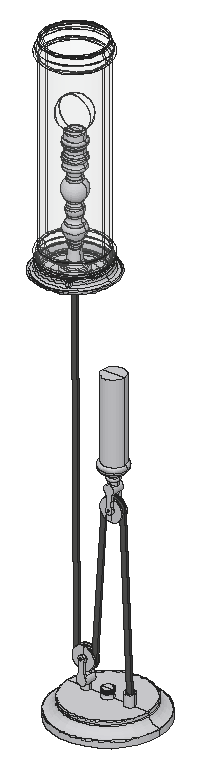
Revit family "Light_Fixture-Pendant-KOHLER-Damask-K-23340_1", category Lighting Fixtures, host Face, Revit 2017
Family settings
  Host = Face
  Round Connector Dimension = Use Diameter
  Part Type = Normal
  OmniClass Number = 23.35.47.11
  OmniClass Title = Lighting Fixtures
  Cut with Voids When Loaded = No
  Light Source = Yes
  Shared = No
  Room Calculation Point = No
Parameters (values of type "CPL-Polished Chrome")
  Width = 7 3/8"  # constant formula
  Wattage Comments = "60 W"  # constant formula
  Wattage = 60 W
  WaterSense Certified = 1 = 0  # no
  built-in parameter 1150110 = 1 (stored number, unit not read)
  Voltage = 120 V  # constant formula
  URL = "https://www.us.kohler.com/us/"
  Type = 4
  built-in parameter 1114217 = 1 (stored number, unit not read)
  built-in parameter 1150109 = 1 (stored number, unit not read)
  built-in parameter 1150134 = (empty or 0)
  built-in parameter 1150113 = 1 (stored number, unit not read)
  Product Page URL = "http://www.us.kohler.com/us/catalog/productDetails.jsp?productNumber=23340-PE01"
  Product Name = "Damask"  # constant formula
  Product Documentation Link = "https://www.us.kohler.com/webassets/kpna/catalog/pdf/en/K-23340-PE01_spec.pdf"
  Model = if(Type = 1, "K-23340-PE01-SNL", if(Type = 2, "K-23340-PE01-BGL", if(Type = 3, "K-23340-PE01-BZL", if(Type = 4, "K-23340-PE01-CPL", "NA"))))  # "K-23340-PE01-CPL"
  Material = "Brass Construction"  # constant formula
  Master Format 2014 Name = "Interior Lighting Fixtures, Lamps, And Ballasts"  # constant formula
  Master Format 2014 = "26 51 13"  # constant formula
  Manufacturer Address = "444 Highland Dr, Kohler, WI 53044"  # constant formula
  Manufacturer = "KOHLER Co."  # constant formula
  built-in parameter 1150105 = 35.81 (stored number, unit not read)
  Lumens = 450 lm
  built-in parameter 1150115 = 1 (stored number, unit not read)
  Light Source Symbol Size = 6"  # constant formula
  built-in parameter 1150137 = (empty or 0)
  built-in parameter 1150139 = (empty or 0)
  Length = 6 1/2"  # constant formula
  built-in parameter 1150112 = 1 (stored number, unit not read)
  built-in parameter 1150114 = 1 (stored number, unit not read)
  Lamp = "Candelabra base (E12) socket, works best with type G or T light bulbs (sold separately)"  # constant formula
  built-in parameter 1150132 = (empty or 0)
  built-in parameter 1150102 = (empty or 0)
  built-in parameter 1150107 = 3000 (stored number, unit not read)
  built-in parameter 1150138 = (empty or 0)
  built-in parameter 1150106 = 0.3581 (stored number, unit not read)
  Height = 37 3/8"  # constant formula
  Glass Material = Kohler-Glass-L-Crystal_Clear
  Finish = Kohler-Metal-CP-Polished_Chrome
  Environmental Product Declaration = ""
  Electrical Note = "One circuit required"  # constant formula
  Electrical Connector = 1 = 1  # yes
  built-in parameter 1150104 = 0.69677 (stored number, unit not read)
  Dimming Lamp Color Temperature Shift = Incandescent Lamp Curve
  Description = "One-light adjustable pendant"  # constant formula
  Default Elevation = 0"
  Declare Label = ""
  Date Modified = "03/25/2020"  # constant formula
  Date Created = "03/25/2020"  # constant formula
  Copyright = "Copyright KOHLER Co."  # constant formula
  Contact Us = "https://www.us.kohler.com/us/static/contact.jsp"
  Color Filter = 16777215
  built-in parameter 1114218 = 1 (stored number, unit not read)
  built-in parameter 1150133 = 10 (stored number, unit not read)
  Assembly Code = "C1030200"
  Apparent Load = 60 VA  # constant formula
  ADA Compliant = 1 = 0  # no
Reference planes (in)
  plane 1 "Center (Front/Back)": y = 0
  plane 2: z = 0
  plane 3 "Center (Left/Right)": x = 0
  plane 4: z = 1.125
  plane 5: x = 3.25
  plane 6: x = -3.25
  plane 7: x = 0.3125
  plane 8: x = 1.04291
  plane 9: x = -0.33504
  plane 10: z = 19.375
  plane 11: x = -2.0625
  plane 12: x = -4.125
  plane 13: x = 0.3125
  plane 14: x = -4.4375
  plane 15: z = 37.375
  plane 16: y = 3.25
  plane 17: y = -3.25
  plane 18: y = 0.68898
  plane 19: y = -0.68898
  plane 20: z = 24
  plane 21: y = -2.375
  plane 22: y = 2.375
  plane 23: y = 2.063
  plane 24: y = -2.063
  plane 25: z = 32.19705
  plane 26: z = 33.19705
  plane 27: z = 34.19705
  plane 28: z = 11.78989
  plane 29: z = 2.8535
Dimensions and locks (in)
  "Length": plane 16 to plane 17
  "Width": plane 12 to plane 5
  "Height": plane 15 to plane 2
  locked: plane 20 to plane 15 at 13.375
  locked: plane 4 to plane 2 at 1.125
  locked: plane 6 to plane 5 at 6.5
  locked: plane 23 to plane 24 at 4.12599
  aligned and locked: plane 2 to host face
  aligned and locked: level to host face
Automatic sketch dimensions
  host sketch curve to host sketch curve = 96"  (x2)
Nested families (in)
  nested 1: "K-23340" at (0, 0, 0), type "K-23340"
Connectors (in)
  electrical at (0, 0, 0), driven by "Voltage", driven by "Apparent Load", driven by "Electrical Connector", driven by "Electrical Note"
    settings: on nested 1, index 1, voltage 120 V, apparent load 60 VA, apparent load phase1 0 VA, apparent load phase2 0 VA, apparent load phase3 0 VA, power factor 1, load classification "Lighting", number of poles 1, system type 30, power factor state 1, is connector primary yes, connector utility yes, sub classification motor no, connector description "One circuit required"
Definition of nested family "K-23340"
  Parameters (values of type "K-23340")
    Material = none
    Glass Material = none
    Bulb Material = none
  Reference planes (in)
    plane 1 "Center (Front/Back)": y = 0
    plane 2: z = 0
    plane 3 "Center (Left/Right)": x = 0
    plane 4: y = 3.25
    plane 5: y = -3.25
    plane 6: z = 1.125
    plane 7: z = 19.375
    plane 8: z = 37.375
    plane 9: z = 24
    plane 10: z = 32.19705
    plane 11: z = 33.19705
    plane 12: z = 34.19705
    plane 13: y = -2.375
    plane 14: y = 2.375
    plane 15: y = 0.68898
    plane 16: y = -0.68898
    plane 17: y = 2.063
    plane 18: y = -2.063
    plane 19: x = -3.25
    plane 20: x = 3.25
    plane 21: x = -4.125
    plane 22: x = -2.0625
    plane 23: x = -4.4375
    plane 24: x = 0.3125
    plane 25: x = -0.33504
    plane 26: x = 0.35175
    plane 27: x = 1.04291
  Forms (in)
    Revolve 1, solid, material <- "Material", detail levels medium+fine
      sketch origin (0, 0, 0) x (-1, 0, 0) y (0, 0, 1)
        loop
          line (0, 0) -> (3.25, 0) -> (3.25, 0.38026)
          arc (3.25, 0.38026) -> (3.24425, 0.3952) -> (3.22998, 0.40244) r 0.02229
          arc (3.22998, 0.40244) -> (2.83823, 0.55165) -> (2.57352, 0.87672) r 0.81004
          arc (2.57352, 0.87672) -> (2.56241, 0.91069) -> (2.55865, 0.94623) r 0.16983
          line (2.55865, 0.94623) -> (2.55865, 1.09766)
          arc (2.55865, 1.09766) -> (2.55064, 1.11699) -> (2.53131, 1.125) r 0.02734
          line (2.53131, 1.125) -> (0.34514, 1.125)
          arc (0.34514, 1.125) -> (0.30496, 1.2788) -> (0.3523, 1.43054) r 0.28862
          line (0.3523, 1.43054) -> (0.3523, 1.58268) -> (0, 1.58268) -> (0, 0)
        axis (0, 1.58268) -> (0, 0)
      angle from 0 to 360
    Extrusion 2, void
      sketch origin (0, 0, 0) x (-1, 0, 0) y (0, -1, 0)
        loop
          line (0, 0.32871) -> (-0.03198, 0.3655) -> (-0.05708, 0.32372) -> (-0.09496, 0.35439) -> (-0.11243, 0.30889) -> (-0.15506, 0.33252) -> (-0.16436, 0.28467) -> (-0.21044, 0.30054) -> (-0.21129, 0.25181) -> (-0.25943, 0.25943) -> (-0.25181, 0.21129) -> (-0.30054, 0.21044) -> (-0.28467, 0.16436) -> (-0.33252, 0.15506) -> (-0.30889, 0.11243) -> (-0.35439, 0.09496) -> (-0.32372, 0.05708) -> (-0.3655, 0.03198) -> (-0.32871, 0) -> (-0.3655, -0.03198) -> (-0.32372, -0.05708) -> (-0.35439, -0.09496) -> (-0.30889, -0.11243) -> (-0.33252, -0.15506) -> (-0.28467, -0.16436) -> (-0.30054, -0.21044) -> (-0.25181, -0.21129) -> (-0.25943, -0.25943) -> (-0.21129, -0.25181) -> (-0.21044, -0.30054) -> (-0.16436, -0.28467) -> (-0.15506, -0.33252) -> (-0.11243, -0.30889) -> (-0.09496, -0.35439) -> (-0.05708, -0.32372) -> (-0.03198, -0.3655) -> (0, -0.32871) -> (0.03198, -0.3655) -> (0.05708, -0.32372) -> (0.09496, -0.35439) -> (0.11243, -0.30889) -> (0.15506, -0.33252) -> (0.16436, -0.28467) -> (0.21044, -0.30054) -> (0.21129, -0.25181) -> (0.25943, -0.25943) -> (0.25181, -0.21129) -> (0.30054, -0.21044) -> (0.28467, -0.16436) -> (0.33252, -0.15506) -> (0.30889, -0.11243) -> (0.35439, -0.09496) -> (0.32372, -0.05708) -> (0.3655, -0.03198) -> (0.32871, 0) -> (0.3655, 0.03198) -> (0.32372, 0.05708) -> (0.35439, 0.09496) -> (0.30889, 0.11243) -> (0.33252, 0.15506) -> (0.28467, 0.16436) -> (0.30054, 0.21044) -> (0.25181, 0.21129) -> (0.25943, 0.25943) -> (0.21129, 0.25181) -> (0.21044, 0.30054) -> (0.16436, 0.28467) -> (0.15506, 0.33252) -> (0.11243, 0.30889) -> (0.09496, 0.35439) -> (0.05708, 0.32372) -> (0.03198, 0.3655) -> (0, 0.32871)
        loop
          circle (0, 0) r 0.40696
      from 1.30315 to 1.8189
    Extrusion 3, solid, material <- "Material", detail levels medium+fine
      sketch origin (0, 0, 0) x (-1, 0, 0) y (0, 0, 1)
        loop
          arc (1.17032, 1.90862) -> (1.37804, 1.35648) -> (1.58576, 1.90862) r 0.31515
          arc (1.58576, 1.90862) -> (1.51549, 2.31965) -> (1.53755, 2.73606) r 1.87985
          arc (1.53755, 2.73606) -> (1.37782, 3.05165) -> (1.21856, 2.73582) r 0.19814
          arc (1.21856, 2.73582) -> (1.24058, 2.31953) -> (1.17032, 1.90862) r 1.87985
      from -0.35433 to 0.35433
    Extrusion 4, void
      sketch origin (0, 0, 0) x (0, -1, 0) y (0, 0, 1)
        loop
          line (0.23622, 1.90862) -> (0.23622, 3.32029) -> (-0.23622, 3.32029) -> (-0.23622, 1.90862) -> (0.23622, 1.90862)
      from 0.82356 to 1.97258
    Extrusion 5, solid, material <- "Material", detail levels medium+fine
      sketch origin (0, 0, 0) x (-1, 0, 0) y (0, 0, 1)
        loop
          circle (1.37797, 2.8535) r 0.19814
      from 0.35433 to 0.51181
    Extrusion 6, void
      sketch origin (0, 0, 0) x (-1, 0, 0) y (0, 0, 1)
        loop
          line (1.37797, 3.09286) -> (1.37797, 2.61804) -> (1.40748, 2.54852) -> (1.40748, 3.15849) -> (1.37797, 3.09286)
      from 0.45276 to 0.805
    Revolve 7, solid, material <- "Material", detail levels medium+fine
      sketch origin (-1.37926, 0, 0) x (0, -1, 0) y (0, 0, 1)
        loop
          line (-0.22638, 3.05035) -> (-0.22638, 2.8535) -> (-0.13757, 2.8535) -> (-0.13757, 3.36583)
          arc (-0.13757, 3.36583) -> (-0.14955, 3.40244) -> (-0.15748, 3.44013) r 0.3545
          line (-0.15748, 3.44013) -> (-0.15748, 3.54248) -> (-0.19375, 3.54248) -> (-0.19375, 3.05035) -> (-0.22638, 3.05035)
        loop
          line (0.22638, 3.05035) -> (0.19375, 3.05035) -> (0.19375, 3.54248) -> (0.15748, 3.54248) -> (0.15748, 3.44013)
          arc (0.15748, 3.44013) -> (0.14955, 3.40244) -> (0.13757, 3.36583) r 0.3545
          line (0.13757, 3.36583) -> (0.13757, 2.8535) -> (0.22638, 2.8535) -> (0.22638, 3.05035)
        axis (0.22638, 2.8535) -> (-0.22638, 2.8535)
      angle from 0 to 360
    Extrusion 8, solid, material <- "Material", detail levels medium+fine
      sketch origin (0, 0, 0) x (-1, 0, 0) y (0, 0, 1)
        loop
          circle (1.37797, 2.8535) r 0.12526
      from -0.30163 to 0.2856
    Revolve 9, solid, material <- "Material", detail levels medium+fine
      sketch origin (0, 0, 0) x (-1, 0, 0) y (0, 0, 1)
        loop
          line (1.37804, 1.54821) -> (1.12228, 1.54821) -> (1.12228, 1.10648) -> (1.37804, 1.10648) -> (1.37804, 1.54821)
        axis (1.37804, 1.54821) -> (1.37804, 1.10648)
      angle from 0 to 360
    Extrusion 10, solid, material <- "Material", detail levels medium+fine
      sketch origin (-1.02622, 0, 14.64339) x (1, 0, 0) y (0, 0, -1)
        loop
          arc (1.17032, 1.90862) -> (1.37804, 1.35648) -> (1.58576, 1.90862) r 0.31515
          arc (1.58576, 1.90862) -> (1.51549, 2.31965) -> (1.53755, 2.73606) r 1.87985
          arc (1.53755, 2.73606) -> (1.37782, 3.05165) -> (1.21856, 2.73582) r 0.19814
          arc (1.21856, 2.73582) -> (1.24058, 2.31953) -> (1.17032, 1.90862) r 1.87985
      from -0.35433 to 0.35433
    Extrusion 11, void
      sketch origin (-1.02622, 0, 14.64339) x (0, -1, 0) y (0, 0, -1)
        loop
          line (0.23622, 1.90862) -> (0.23622, 3.32029) -> (-0.23622, 3.32029) -> (-0.23622, 1.90862) -> (0.23622, 1.90862)
      from 0.82356 to 1.97258
    Extrusion 12, solid, material <- "Material", detail levels medium+fine
      sketch origin (-1.02622, 0, 14.64339) x (1, 0, 0) y (0, 0, -1)
        loop
          circle (1.37797, 2.8535) r 0.19814
      from 0.35433 to 0.51181
    Extrusion 13, void
      sketch origin (-1.02622, 0, 14.64339) x (1, 0, 0) y (0, 0, -1)
        loop
          line (1.37797, 3.09286) -> (1.37797, 2.61804) -> (1.40748, 2.54852) -> (1.40748, 3.15849) -> (1.37797, 3.09286)
      from 0.45276 to 0.805
    Revolve 14, solid, material <- "Material", detail levels medium+fine
      sketch origin (0.35304, 0, 14.64339) x (0, -1, 0) y (0, 0, -1)
        loop
          line (-0.22638, 3.05035) -> (-0.22638, 2.8535) -> (-0.13757, 2.8535) -> (-0.13757, 3.36583)
          arc (-0.13757, 3.36583) -> (-0.14955, 3.40244) -> (-0.15748, 3.44013) r 0.3545
          line (-0.15748, 3.44013) -> (-0.15748, 3.54248) -> (-0.19375, 3.54248) -> (-0.19375, 3.05035) -> (-0.22638, 3.05035)
        loop
          line (0.22638, 3.05035) -> (0.19375, 3.05035) -> (0.19375, 3.54248) -> (0.15748, 3.54248) -> (0.15748, 3.44013)
          arc (0.15748, 3.44013) -> (0.14955, 3.40244) -> (0.13757, 3.36583) r 0.3545
          line (0.13757, 3.36583) -> (0.13757, 2.8535) -> (0.22638, 2.8535) -> (0.22638, 3.05035)
        axis (0.22638, 2.8535) -> (-0.22638, 2.8535)
      angle from 0 to 360
    Extrusion 15, solid, material <- "Material", detail levels medium+fine
      sketch origin (-1.02622, 0, 14.64339) x (1, 0, 0) y (0, 0, -1)
        loop
          circle (1.37797, 2.8535) r 0.12526
      from -0.30163 to 0.2856
    Extrusion 16, solid, material <- "Material", detail levels medium+fine
      sketch origin (1.72972, 0, 8.93638) x (-1, 0, 0) y (0, 0, 1)
        loop
          circle (1.37797, 2.8535) r 0.12526
      from -0.30163 to 0.2856
    Revolve 17, solid, material <- "Material", detail levels medium+fine
      sketch origin (0, 0, 0) x (-1, 0, 0) y (0, 0, 1)
        loop
          line (-0.35394, 13.11674) -> (-0.09863, 13.11674) -> (-0.09863, 13.45442)
          arc (-0.09863, 13.45442) -> (-0.00062, 13.5218) -> (-0.07844, 13.61175) r 0.0798
          arc (-0.07844, 13.61175) -> (-0.01909, 13.81929) -> (0.15792, 13.94284) r 0.32233
          line (0.15792, 13.94284) -> (0.27661, 13.94284)
          arc (0.27661, 13.94284) -> (0.35001, 14.00467) -> (0.35814, 14.1003) r 0.1253
          line (0.35814, 14.1003) -> (0.42511, 14.1003)
          arc (0.42511, 14.1003) -> (0.45175, 14.15023) -> (0.42511, 14.20017) r 0.06012
          arc (0.42511, 14.20017) -> (0.46577, 14.35852) -> (0.33504, 14.45669) r 0.14714
          line (0.33504, 14.45669) -> (0.33504, 19.375) -> (-0.35394, 19.375) -> (-0.35394, 13.11674)
        axis (-0.35394, 19.375) -> (-0.35394, 13.11674)
      angle from 0 to 360
    Revolve 18, solid, material <- "Material", detail levels medium+fine
      sketch origin (0, 0, 0) x (-1, 0, 0) y (0, 0, 1)
        loop
          line (-1.37795, 1.8189) -> (-1.37795, 1.02357) -> (-1.08268, 1.02357) -> (-1.08268, 1.79868)
          arc (-1.08268, 1.79868) -> (-1.0886, 1.81298) -> (-1.10289, 1.8189) r 0.02022
          line (-1.10289, 1.8189) -> (-1.37795, 1.8189)
        axis (-1.37795, 1.02357) -> (-1.37795, 1.8189)
      angle from 0 to 360
    Sweep 19, solid
      path origin (0, 0, 0) x (-1, 0, 0) y (0, 0, 1)
        loop
          line (-1.52105, 1.7069) -> (-1.06209, 11.82097)
          arc (-1.06209, 11.82097) -> (-0.36006, 12.49872) -> (0.3556, 11.83539) r 0.70997
          line (0.3556, 11.83539) -> (0.94835, 2.82523)
          arc (0.94835, 2.82523) -> (1.39274, 2.42151) -> (1.81201, 2.85126) r 0.4323
          line (1.81201, 2.85126) -> (1.9236, 23.39367)
      profile origin (-1.9236, 0, 23.39367) x (-0.999985, 0, -0.005432) y (0, 1, 0)
        loop
          circle (0.13748, 0) r 0.13748
    Revolve 20, solid, material <- "Material", detail levels medium+fine
      sketch origin (0, 0, 0) x (-1, 0, 0) y (0, 0, 1)
        loop
          line (2.0625, 23.33476) -> (2.33453, 23.33476)
          arc (2.33453, 23.33476) -> (2.34924, 23.34085) -> (2.35533, 23.35556) r 0.0208
          line (2.35533, 23.35556) -> (2.35533, 23.98001)
          arc (2.35533, 23.98001) -> (2.34947, 23.99414) -> (2.33534, 24) r 0.01999
          line (2.33534, 24) -> (2.97853, 24)
          arc (2.97853, 24) -> (3.02966, 24.01412) -> (3.06628, 24.05248) r 0.0996
          arc (3.06628, 24.05248) -> (3.10713, 24.10226) -> (3.16379, 24.13285) r 0.16673
          arc (3.16379, 24.13285) -> (3.2698, 24.15971) -> (3.37804, 24.17528) r 1.03998
          arc (3.37804, 24.17528) -> (3.53538, 24.18926) -> (3.69276, 24.20268) r 45.49267
          arc (3.69276, 24.20268) -> (3.89741, 24.21932) -> (4.10213, 24.23503) r 45.49267
          arc (4.10213, 24.23503) -> (4.20563, 24.24936) -> (4.3065, 24.27663) r 0.82677
          arc (4.3065, 24.27663) -> (4.3731, 24.30816) -> (4.43077, 24.35401) r 0.32156
          arc (4.43077, 24.35401) -> (4.43922, 24.38883) -> (4.41219, 24.41237) r 0.03449
          arc (4.41219, 24.41237) -> (4.36244, 24.41988) -> (4.31243, 24.42539) r 1.24951
          arc (4.31243, 24.42539) -> (4.22272, 24.44639) -> (4.14233, 24.49143) r 0.3292
          arc (4.14233, 24.49143) -> (4.08309, 24.56326) -> (4.06187, 24.65392) r 0.20429
          line (4.06187, 24.65392) -> (4.06187, 24.82934)
          arc (4.06187, 24.82934) -> (4.05325, 24.85015) -> (4.03245, 24.85876) r 0.02942
          line (4.03245, 24.85876) -> (3.95645, 24.85876) -> (3.95645, 24.33028) -> (3.67997, 24.33028)
          arc (3.67997, 24.33028) -> (3.47502, 24.31992) -> (3.27216, 24.28897) r 2.03365
          arc (3.27216, 24.28897) -> (3.12275, 24.23858) -> (2.99018, 24.15323) r 0.64065
          line (2.99018, 24.15323) -> (2.85201, 24.15323) -> (2.85201, 24.46738)
          arc (2.85201, 24.46738) -> (2.83381, 24.55189) -> (2.78245, 24.62143) r 0.20536
          arc (2.78245, 24.62143) -> (2.74976, 24.64432) -> (2.71282, 24.65942) r 0.17931
          arc (2.71282, 24.65942) -> (2.6604, 24.68207) -> (2.61566, 24.71757) r 0.21793
          arc (2.61566, 24.71757) -> (2.50927, 24.86843) -> (2.4538, 25.0445) r 0.59978
          arc (2.4538, 25.0445) -> (2.41027, 25.36117) -> (2.3757, 25.67893) r 11.32687
          arc (2.3757, 25.67893) -> (2.37688, 25.70595) -> (2.38538, 25.73162) r 0.09829
          arc (2.38538, 25.73162) -> (2.41798, 25.80717) -> (2.44282, 25.88562) r 0.81743
          arc (2.44282, 25.88562) -> (2.43722, 25.92177) -> (2.40696, 25.94234) r 0.04589
          arc (2.40696, 25.94234) -> (2.39376, 25.95222) -> (2.39345, 25.9687) r 0.01876
          line (2.39345, 25.9687) -> (2.4173, 26.01986)
          arc (2.4173, 26.01986) -> (2.43916, 26.09354) -> (2.43858, 26.17038) r 0.26066
          arc (2.43858, 26.17038) -> (2.44513, 26.20168) -> (2.47075, 26.2208) r 0.04518
          arc (2.47075, 26.2208) -> (2.51224, 26.24143) -> (2.54367, 26.27548) r 0.12806
          arc (2.54367, 26.27548) -> (2.64938, 26.48456) -> (2.71346, 26.70992) r 1.22829
          arc (2.71346, 26.70992) -> (2.68498, 26.87422) -> (2.55669, 26.98074) r 0.24108
          arc (2.55669, 26.98074) -> (2.54667, 26.99315) -> (2.55322, 27.00768) r 0.01522
          arc (2.55322, 27.00768) -> (2.57847, 27.06242) -> (2.5418, 27.11026) r 0.05832
          arc (2.5418, 27.11026) -> (2.41374, 27.26762) -> (2.46114, 27.46489) r 0.22876
          arc (2.46114, 27.46489) -> (2.47354, 27.49858) -> (2.4618, 27.53252) r 0.05343
          arc (2.4618, 27.53252) -> (2.45358, 27.55711) -> (2.46328, 27.58115) r 0.03751
          arc (2.46328, 27.58115) -> (2.54353, 27.73232) -> (2.54219, 27.90346) r 0.34871
          arc (2.54219, 27.90346) -> (2.5206, 27.94801) -> (2.48366, 27.98097) r 0.12741
          arc (2.48366, 27.98097) -> (2.47512, 27.99331) -> (2.47897, 28.0078) r 0.01789
          arc (2.47897, 28.0078) -> (2.48814, 28.04072) -> (2.46976, 28.06952) r 0.04189
          arc (2.46976, 28.06952) -> (2.40392, 28.20194) -> (2.48647, 28.32464) r 0.14707
          arc (2.48647, 28.32464) -> (2.50505, 28.36345) -> (2.47139, 28.39025) r 0.03454
          arc (2.47139, 28.39025) -> (2.77625, 28.93356) -> (2.47139, 29.47687) r 0.63656
          arc (2.47139, 29.47687) -> (2.51397, 29.52217) -> (2.48752, 29.57844) r 0.05531
          arc (2.48752, 29.57844) -> (2.46405, 29.60022) -> (2.45169, 29.62976) r 0.07563
          arc (2.45169, 29.62976) -> (2.44217, 29.71323) -> (2.4443, 29.79723) r 0.60549
          arc (2.4443, 29.79723) -> (2.46455, 29.92154) -> (2.50117, 30.04204) r 0.94435
          arc (2.50117, 30.04204) -> (2.55681, 30.11995) -> (2.64369, 30.16017) r 0.18724
          arc (2.64369, 30.16017) -> (2.70151, 30.21443) -> (2.67505, 30.28917) r 0.07249
          arc (2.67505, 30.28917) -> (2.58963, 30.48056) -> (2.70422, 30.65605) r 0.21893
          arc (2.70422, 30.65605) -> (2.73072, 30.68368) -> (2.73601, 30.7216) r 0.06216
          line (2.73601, 30.7216) -> (2.7149, 30.84132)
          arc (2.7149, 30.84132) -> (2.69923, 30.87386) -> (2.6689, 30.89345) r 0.06667
          arc (2.6689, 30.89345) -> (2.64051, 30.9097) -> (2.62178, 30.93651) r 0.07474
          arc (2.62178, 30.93651) -> (2.59731, 31.0148) -> (2.58664, 31.09612) r 0.47598
          arc (2.58664, 31.09612) -> (2.58625, 31.19953) -> (2.5942, 31.30264) r 1.28159
          arc (2.5942, 31.30264) -> (2.6055, 31.3484) -> (2.62778, 31.38995) r 0.18913
          arc (2.62778, 31.38995) -> (2.66962, 31.44389) -> (2.71593, 31.49405) r 0.79818
          arc (2.71593, 31.49405) -> (2.73321, 31.52291) -> (2.73466, 31.55651) r 0.06841
          arc (2.73466, 31.55651) -> (2.72107, 31.58988) -> (2.69653, 31.61625) r 0.09986
          arc (2.69653, 31.61625) -> (2.68944, 31.6302) -> (2.69628, 31.64427) r 0.01758
          arc (2.69628, 31.64427) -> (2.72529, 31.74475) -> (2.63827, 31.80276) r 0.08852
          arc (2.63827, 31.80276) -> (2.62169, 31.809) -> (2.61473, 31.82529) r 0.02255
          line (2.61473, 31.82529) -> (2.61473, 32.16918)
          arc (2.61473, 32.16918) -> (2.60656, 32.18889) -> (2.58685, 32.19705) r 0.02788
          line (2.58685, 32.19705) -> (2.0625, 32.19705) -> (2.0625, 23.33476)
        axis (2.0625, 23.33476) -> (2.0625, 32.19705)
      angle from 0 to 360
    Revolve 21, solid, material <- "Glass Material", detail levels medium+fine
      sketch origin (0, 0, 0) x (-1, 0, 0) y (0, 0, 1)
        loop
          line (3.9104, 24.33028) -> (3.9104, 24.45925)
          arc (3.9104, 24.45925) -> (3.89852, 24.50709) -> (3.86564, 24.54382) r 0.10225
          arc (3.86564, 24.54382) -> (3.77837, 24.72253) -> (3.88817, 24.88835) r 0.20028
          arc (3.88817, 24.88835) -> (3.91244, 24.90875) -> (3.925, 24.93786) r 0.06882
          arc (3.925, 24.93786) -> (3.96045, 25.04457) -> (4.02512, 25.13655) r 0.38639
          arc (4.02512, 25.13655) -> (4.11828, 25.45776) -> (3.9104, 25.71976) r 0.36458
          line (3.9104, 25.71976) -> (3.9104, 36.36894)
          arc (3.9104, 36.36894) -> (4.11794, 36.61569) -> (4.03811, 36.92807) r 0.35267
          arc (4.03811, 36.92807) -> (3.94837, 37.07424) -> (3.91396, 37.24228) r 0.49447
          arc (3.91396, 37.24228) -> (3.91183, 37.29855) -> (3.90853, 37.35476) r 2.7372
          arc (3.90853, 37.35476) -> (3.90168, 37.36915) -> (3.88685, 37.375) r 0.02174
          line (3.88685, 37.375) -> (3.78168, 37.375)
          arc (3.78168, 37.375) -> (3.78624, 37.30696) -> (3.78901, 37.23882) r 2.6122
          arc (3.78901, 37.23882) -> (3.83211, 37.02831) -> (3.94454, 36.84518) r 0.61947
          arc (3.94454, 36.84518) -> (3.99729, 36.64918) -> (3.87267, 36.48898) r 0.22767
          arc (3.87267, 36.48898) -> (3.80903, 36.43221) -> (3.7854, 36.35027) r 0.15386
          line (3.7854, 36.35027) -> (3.7854, 25.72383)
          arc (3.7854, 25.72383) -> (3.80603, 25.65317) -> (3.86144, 25.6047) r 0.13134
          arc (3.86144, 25.6047) -> (3.99589, 25.43233) -> (3.93441, 25.22256) r 0.23958
          arc (3.93441, 25.22256) -> (3.8551, 25.11288) -> (3.80734, 24.98624) r 0.51139
          arc (3.80734, 24.98624) -> (3.65321, 24.72269) -> (3.7854, 24.44748) r 0.32528
          line (3.7854, 24.44748) -> (3.7854, 24.33028) -> (3.9104, 24.33028)
        axis (2.0625, 37.375) -> (2.0625, 24.33028)
      angle from 0 to 360
    Revolve 22, solid, material <- "Material", detail levels medium+fine
      sketch origin (0, 0, 0) x (-1, 0, 0) y (0, 0, 1)
        loop
          arc (4.17231, 24.84554) -> (4.16623, 24.86022) -> (4.15154, 24.8663) r 0.02076
          line (4.15154, 24.8663) -> (4.05524, 24.8663) -> (4.05524, 24.70959) -> (4.17231, 24.70959) -> (4.17231, 24.84554)
        axis (4.17231, 24.70959) -> (4.05524, 24.70959)
      angle from 0 to 360
    Revolve 23, solid, material <- "Material", detail levels medium+fine
      sketch origin (-3.09375, 1.78618, 0) x (0.5, -0.866025, 0) y (0, 0, 1)
        loop
          arc (4.17231, 24.84554) -> (4.16623, 24.86022) -> (4.15154, 24.8663) r 0.02076
          line (4.15154, 24.8663) -> (4.05524, 24.8663) -> (4.05524, 24.70959) -> (4.17231, 24.70959) -> (4.17231, 24.84554)
        axis (4.17231, 24.70959) -> (4.05524, 24.70959)
      angle from 0 to 360
    Revolve 24, solid, material <- "Material", detail levels medium+fine
      sketch origin (-3.09375, -1.78618, 0) x (0.5, 0.866025, 0) y (0, 0, -1)
        loop
          line (4.17231, -24.84554) -> (4.17231, -24.70959) -> (4.05524, -24.70959) -> (4.05524, -24.8663) -> (4.15154, -24.8663)
          arc (4.15154, -24.8663) -> (4.16623, -24.86022) -> (4.17231, -24.84554) r 0.02076
        axis (4.17231, -24.70959) -> (4.05524, -24.70959)
      angle from 0 to 360
    Revolve 25, solid, material <- "Bulb Material", detail levels medium+fine
      sketch origin (0, 0, 0) x (-1, 0, 0) y (0, 0, 1)
        loop
          arc (2.46468, 32.28149) -> (3.04116, 33.40253) -> (2.0625, 34.19705) r 1
          line (2.0625, 34.19705) -> (2.0625, 34.1658)
          arc (2.0625, 34.1658) -> (3.00984, 33.39958) -> (2.4586, 32.31298) r 0.96875
          arc (2.4586, 32.31298) -> (2.26451, 32.24148) -> (2.0625, 32.19705) r 1.51649
          line (2.0625, 32.19705) -> (2.30229, 32.19705)
          arc (2.30229, 32.19705) -> (2.3821, 32.24194) -> (2.46468, 32.28149) r 1.39572
        axis (2.0625, 32.19705) -> (2.0625, 34.19705)
      angle from 0 to 360
    Extrusion 26, void
      sketch origin (0, 0, 0) x (1, 0, 0) y (0, 0, 1)
        loop
          circle (-1.37797, 2.8535) r 0.08555
        loop
          circle (0.35175, 11.78989) r 0.08555
      from 0.30163 to 0.61652
    Revolve 27, solid, material <- "Material", detail levels coarse
      sketch origin (0, 0, 0) x (1, 0, 0) y (0, 0, 1)
        loop
          line (0, 1.58268) -> (0, 0) -> (3.25, 0) -> (3.25, 0.38026) -> (2.62509, 1.125) -> (0.35173, 1.125) -> (0.35173, 1.58268) -> (0, 1.58268)
        axis (0, 1.58268) -> (0, 0)
      angle from 0 to 360
    Extrusion 28, solid, material <- "Material", detail levels coarse
      sketch origin (0, 0, 0) x (1, 0, 0) y (0, 0, 1)
        loop
          arc (-1.37926, 3.54248) -> (-2.06412, 2.92869) -> (-1.52874, 2.18094) r 0.68898
          arc (-1.52874, 2.18094) -> (-1.55221, 2.04372) -> (-1.58576, 1.90862) r 1.87985
          arc (-1.58576, 1.90862) -> (-1.69115, 1.70734) -> (-1.63379, 1.48749) r 0.31515
          line (-1.63379, 1.48749) -> (-1.63379, 1.125) -> (-1.12228, 1.125) -> (-1.12228, 1.48749)
          arc (-1.12228, 1.48749) -> (-1.06492, 1.70734) -> (-1.17032, 1.90862) r 0.31515
          arc (-1.17032, 1.90862) -> (-1.20393, 2.04399) -> (-1.22741, 2.18147) r 1.87985
          arc (-1.22741, 2.18147) -> (-0.69453, 2.9299) -> (-1.37926, 3.54248) r 0.68898
        loop
          arc (0.35304, 11.10091) -> (1.03791, 11.7147) -> (0.50252, 12.46245) r 0.68898
          arc (0.50252, 12.46245) -> (0.52599, 12.59967) -> (0.55954, 12.73477) r 1.87985
          arc (0.55954, 12.73477) -> (0.35182, 13.28691) -> (0.1441, 12.73477) r 0.31515
          arc (0.1441, 12.73477) -> (0.17771, 12.5994) -> (0.20119, 12.46192) r 1.87985
          arc (0.20119, 12.46192) -> (-0.33168, 11.71349) -> (0.35304, 11.10091) r 0.68898
      from -0.51181 to 0.35433
    Extrusion 29, void
      sketch origin (0, 0, 0) x (0, 1, 0) y (0, 0, 1)
        loop
          line (0.16758, 3.83865) -> (-0.16166, 3.83865) -> (-0.16166, 2.12311) -> (0.16758, 2.12311) -> (0.16758, 3.83865)
        loop
          line (0.16876, 12.52116) -> (-0.17197, 12.52116) -> (-0.17197, 11.0446) -> (0.16876, 11.0446) -> (0.16876, 12.52116)
      from -2.24891 to 2.34523
    Extrusion 30, solid, material <- "Material", detail levels coarse
      sketch origin (0, 0, 0) x (1, 0, 0) y (0, 1, 0)
        loop
          circle (1.37795, 0) r 0.29528
      from 1.125 to 1.81838
    Revolve 31, solid, material <- "Material", detail levels coarse
      sketch origin (0, 0, 0) x (1, 0, 0) y (0, 0, 1)
        loop
          line (0.37234, 19.375) -> (0.37234, 13.01055) -> (0.60924, 13.01055) -> (0.60924, 13.45442) -> (1.19984, 14.04502) -> (1.19984, 14.45725) -> (1.04413, 14.45725) -> (1.04413, 19.375) -> (0.37234, 19.375)
        axis (0.37234, 19.375) -> (0.37234, 13.01055)
      angle from 0 to 360
    Revolve 32, solid, material <- "Material", detail levels coarse
      sketch origin (0, 0, 0) x (1, 0, 0) y (0, 0, 1)
        loop
          line (-2.0625, 23.32966) -> (-1.76622, 23.32966) -> (-1.76622, 24) -> (-1.14038, 24) -> (0.33206, 24.28621) -> (0.33206, 24.44691) -> (-0.06217, 24.63075) -> (-0.06217, 24.85876) -> (-1.60793, 24.85876) -> (-1.67685, 26.17387) -> (-1.32329, 26.52742) -> (-1.32329, 26.9498) -> (-1.50007, 27.12658) -> (-1.50007, 28.46121) -> (-1.31928, 28.7194) -> (-1.31928, 29.16441) -> (-1.55071, 29.49491) -> (-1.55071, 29.99491) -> (-1.37393, 30.17169) -> (-1.37393, 30.84478) -> (-1.37393, 32.19705) -> (-2.0625, 32.19705) -> (-2.0625, 23.32966)
        axis (-2.0625, 32.19705) -> (-2.0625, 23.32966)
      angle from 0 to 360
    Revolve 33, solid, material <- "Glass Material", detail levels coarse
      sketch origin (0, 0, 0) x (1, 0, 0) y (0, 0, 1)
        loop
          line (0.0068, 37.375) -> (-0.34332, 37.375) -> (-0.34332, 24.85876) -> (0.0068, 24.85876) -> (0.0068, 37.375)
        axis (-2.0625, 24.85876) -> (-2.0625, 37.375)
      angle from 0 to 360
    Extrusion 34, solid, material <- "Material", detail levels medium+fine
      sketch origin (0, 0, 0) x (1, 0, 0) y (0, 1, 0)
        loop
          circle (0, 0) r 0.05833
      from 0 to 0.07141
  Cuts and joins
    Extrusion 2 cuts Revolve 1
    Extrusion 4, Extrusion 11, Extrusion 26 cuts Extrusion 3
    Extrusion 6, Extrusion 13 cuts Extrusion 5
    Extrusion 11 cuts Revolve 7
    Extrusion 11 cuts Extrusion 8
    Extrusion 11, Extrusion 26 cuts Extrusion 10
    joined: Revolve 1, Extrusion 3, Extrusion 5, Revolve 7, Extrusion 8, Revolve 9, Extrusion 10, Revolve 14, Extrusion 16, Revolve 17, Revolve 18, Revolve 20
    Extrusion 11 cuts Extrusion 15
    Extrusion 13 cuts Extrusion 12
    joined: Extrusion 12, Revolve 22, Revolve 23, Revolve 24
    Extrusion 29 cuts Extrusion 28
    joined: Revolve 27, Extrusion 28, Extrusion 30, Revolve 31, Revolve 32
  Lines and regions (in)
    Masking region 1
      outline origin (0, 0, 0) x (0, 1, 0) y (0, 0, 1)
        loop
          line (3.25, 0) -> (3.25, 0.37793)
          arc (3.25, 0.37793) -> (3.24297, 0.39616) -> (3.22552, 0.40493) r 0.02713
          arc (3.22552, 0.40493) -> (2.87373, 0.52521) -> (2.61274, 0.78998) r 0.80995
          arc (2.61274, 0.78998) -> (2.57216, 0.88335) -> (2.55829, 0.9842) r 0.37362
          line (2.55829, 0.9842) -> (2.55829, 1.09794)
          arc (2.55829, 1.09794) -> (2.55036, 1.11707) -> (2.53123, 1.125) r 0.02706
          line (2.53123, 1.125) -> (0.3464, 1.125)
          arc (0.3464, 1.125) -> (0.3082, 1.2378) -> (0.31805, 1.35648) r 0.29293
          line (0.31805, 1.35648) -> (0.35433, 1.35648) -> (0.35433, 2.65536) -> (0.51181, 2.65536) -> (0.51181, 3.05165) -> (0.23622, 3.05165) -> (0.23622, 3.0155) -> (0.22638, 2.97876) -> (0.22638, 3.05165) -> (0.19375, 3.05165) -> (0.19375, 3.20414) -> (0.19375, 3.54248) -> (0.15748, 3.54248) -> (0.15748, 3.44013) -> (0.13757, 3.36583) -> (0.13757, 10.78344) -> (0.13757, 11.27757) -> (0.15748, 11.20326) -> (0.15748, 11.10091) -> (0.19375, 11.10091) -> (0.19375, 11.59304) -> (0.22638, 11.59304) -> (0.22638, 11.66463) -> (0.23622, 11.6279) -> (0.23622, 11.59175) -> (0.51181, 11.59175) -> (0.51181, 11.98803) -> (0.35433, 11.98803) -> (0.35433, 12.48803) -> (0.35433, 13.28691) -> (0.25522, 13.28691) -> (0.25522, 13.45264)
          arc (0.25522, 13.45264) -> (0.35321, 13.521) -> (0.27549, 13.61175) r 0.0806
          arc (0.27549, 13.61175) -> (0.33567, 13.8187) -> (0.51186, 13.94284) r 0.3259
          line (0.51186, 13.94284) -> (0.63055, 13.94284)
          arc (0.63055, 13.94284) -> (0.70304, 14.00514) -> (0.71208, 14.1003) r 0.12785
          line (0.71208, 14.1003) -> (0.77905, 14.1003)
          arc (0.77905, 14.1003) -> (0.80385, 14.15023) -> (0.77905, 14.20017) r 0.06267
          arc (0.77905, 14.20017) -> (0.81706, 14.35759) -> (0.68898, 14.45669) r 0.14898
          line (0.68898, 14.45669) -> (0.68898, 19.375) -> (0.13754, 19.375) -> (0.13754, 23.33493) -> (0.27236, 23.33493)
          arc (0.27236, 23.33493) -> (0.28668, 23.34086) -> (0.29261, 23.35518) r 0.02025
          line (0.29261, 23.35518) -> (0.29261, 23.97462)
          arc (0.29261, 23.97462) -> (0.28712, 23.99067) -> (0.27294, 24) r 0.02621
          line (0.27294, 24) -> (0.90108, 24)
          arc (0.90108, 24) -> (0.9609, 24.01538) -> (1.00589, 24.05771) r 0.12403
          arc (1.00589, 24.05771) -> (1.0551, 24.10996) -> (1.12025, 24.14007) r 0.18882
          arc (1.12025, 24.14007) -> (1.23428, 24.1638) -> (1.34973, 24.17917) r 1.59808
          arc (1.34973, 24.17917) -> (1.46432, 24.18618) -> (1.57854, 24.19784) r 2.82528
          arc (1.57854, 24.19784) -> (1.76514, 24.21642) -> (1.95239, 24.2265) r 4.11948
          arc (1.95239, 24.2265) -> (2.05677, 24.23458) -> (2.15996, 24.25226) r 1.13261
          arc (2.15996, 24.25226) -> (2.26232, 24.28673) -> (2.3548, 24.3425) r 0.49681
          arc (2.3548, 24.3425) -> (2.36834, 24.35784) -> (2.375, 24.37719) r 0.05254
          arc (2.375, 24.37719) -> (2.36157, 24.40466) -> (2.33317, 24.416) r 0.04249
          arc (2.33317, 24.416) -> (2.23644, 24.42553) -> (2.14279, 24.45152) r 0.56365
          arc (2.14279, 24.45152) -> (2.0828, 24.48524) -> (2.03596, 24.53565) r 0.22289
          arc (2.03596, 24.53565) -> (2.00933, 24.58965) -> (1.99812, 24.64881) r 0.22289
          line (1.99812, 24.64881) -> (1.99812, 24.8281)
          arc (1.99812, 24.8281) -> (1.98838, 24.85162) -> (1.96486, 24.86136) r 0.03325
          line (1.96486, 24.86136) -> (1.78872, 24.86136)
          arc (1.78872, 24.86136) -> (1.84246, 24.89701) -> (1.86824, 24.95612) r 0.11395
          arc (1.86824, 24.95612) -> (1.89596, 25.04885) -> (1.95241, 25.12745) r 0.29258
          arc (1.95241, 25.12745) -> (2.03346, 25.24604) -> (2.06491, 25.38619) r 0.38145
          arc (2.06491, 25.38619) -> (2.00874, 25.58702) -> (1.8479, 25.71976) r 0.34827
          line (1.8479, 25.71976) -> (1.8479, 36.36894)
          arc (1.8479, 36.36894) -> (1.99565, 36.49039) -> (2.063, 36.6694) r 0.36994
          arc (2.063, 36.6694) -> (2.05035, 36.7969) -> (1.98968, 36.90974) r 0.32692
          arc (1.98968, 36.90974) -> (1.89722, 37.06473) -> (1.85565, 37.24035) r 0.59325
          arc (1.85565, 37.24035) -> (1.85179, 37.29459) -> (1.8489, 37.34889) r 3.08055
          arc (1.8489, 37.34889) -> (1.84048, 37.36742) -> (1.82159, 37.375) r 0.02733
          line (1.82159, 37.375) -> (0, 37.375) -> (-1.82159, 37.375)
          arc (-1.82159, 37.375) -> (-1.84048, 37.36742) -> (-1.8489, 37.34889) r 0.02733
          arc (-1.8489, 37.34889) -> (-1.85179, 37.29459) -> (-1.85565, 37.24035) r 3.08055
          arc (-1.85565, 37.24035) -> (-1.89722, 37.06473) -> (-1.98968, 36.90974) r 0.59325
          arc (-1.98968, 36.90974) -> (-2.05035, 36.7969) -> (-2.063, 36.6694) r 0.32692
          arc (-2.063, 36.6694) -> (-1.99565, 36.49039) -> (-1.8479, 36.36894) r 0.36994
          line (-1.8479, 36.36894) -> (-1.8479, 25.71976)
          arc (-1.8479, 25.71976) -> (-2.00874, 25.58702) -> (-2.06491, 25.38619) r 0.34827
          arc (-2.06491, 25.38619) -> (-2.03346, 25.24604) -> (-1.95241, 25.12745) r 0.38145
          arc (-1.95241, 25.12745) -> (-1.89596, 25.04885) -> (-1.86824, 24.95612) r 0.29258
          arc (-1.86824, 24.95612) -> (-1.84246, 24.89701) -> (-1.78872, 24.86136) r 0.11395
          line (-1.78872, 24.86136) -> (-1.96486, 24.86136)
          arc (-1.96486, 24.86136) -> (-1.98838, 24.85162) -> (-1.99812, 24.8281) r 0.03325
          line (-1.99812, 24.8281) -> (-1.99812, 24.64881)
          arc (-1.99812, 24.64881) -> (-2.00933, 24.58965) -> (-2.03596, 24.53565) r 0.22289
          arc (-2.03596, 24.53565) -> (-2.0828, 24.48524) -> (-2.14279, 24.45152) r 0.22289
          arc (-2.14279, 24.45152) -> (-2.23644, 24.42553) -> (-2.33317, 24.416) r 0.56365
          arc (-2.33317, 24.416) -> (-2.36157, 24.40466) -> (-2.375, 24.37719) r 0.04249
          arc (-2.375, 24.37719) -> (-2.36834, 24.35784) -> (-2.3548, 24.3425) r 0.05254
          arc (-2.3548, 24.3425) -> (-2.26232, 24.28673) -> (-2.15996, 24.25226) r 0.49681
          arc (-2.15996, 24.25226) -> (-2.05677, 24.23458) -> (-1.95239, 24.2265) r 1.13261
          arc (-1.95239, 24.2265) -> (-1.76514, 24.21642) -> (-1.57854, 24.19784) r 4.11948
          arc (-1.57854, 24.19784) -> (-1.46432, 24.18618) -> (-1.34973, 24.17917) r 2.82528
          arc (-1.34973, 24.17917) -> (-1.23428, 24.1638) -> (-1.12025, 24.14007) r 1.59808
          arc (-1.12025, 24.14007) -> (-1.0551, 24.10996) -> (-1.00589, 24.05771) r 0.18882
          arc (-1.00589, 24.05771) -> (-0.9609, 24.01538) -> (-0.90108, 24) r 0.12403
          line (-0.90108, 24) -> (-0.27294, 24)
          arc (-0.27294, 24) -> (-0.28712, 23.99067) -> (-0.29261, 23.97462) r 0.02621
          line (-0.29261, 23.97462) -> (-0.29261, 23.35518)
          arc (-0.29261, 23.35518) -> (-0.28668, 23.34086) -> (-0.27236, 23.33493) r 0.02025
          line (-0.27236, 23.33493) -> (-0.13754, 23.33493) -> (-0.13754, 19.375) -> (-0.68898, 19.375) -> (-0.68898, 14.45669)
          arc (-0.68898, 14.45669) -> (-0.81706, 14.35759) -> (-0.77905, 14.20017) r 0.14898
          arc (-0.77905, 14.20017) -> (-0.80385, 14.15023) -> (-0.77905, 14.1003) r 0.06267
          line (-0.77905, 14.1003) -> (-0.71208, 14.1003)
          arc (-0.71208, 14.1003) -> (-0.70304, 14.00514) -> (-0.63055, 13.94284) r 0.12785
          line (-0.63055, 13.94284) -> (-0.51186, 13.94284)
          arc (-0.51186, 13.94284) -> (-0.33567, 13.8187) -> (-0.27549, 13.61175) r 0.3259
          arc (-0.27549, 13.61175) -> (-0.35321, 13.521) -> (-0.25522, 13.45264) r 0.0806
          line (-0.25522, 13.45264) -> (-0.25522, 13.28691) -> (-0.35433, 13.28691) -> (-0.35433, 12.48803) -> (-0.35433, 11.59175) -> (-0.23622, 11.59175) -> (-0.23622, 11.6279) -> (-0.22638, 11.66463) -> (-0.22638, 11.59304) -> (-0.19375, 11.59304) -> (-0.19375, 11.10091) -> (-0.15748, 11.10091) -> (-0.15748, 11.20326) -> (-0.13757, 11.27757) -> (-0.13757, 10.78344) -> (-0.13757, 3.36583) -> (-0.15748, 3.44013) -> (-0.15748, 3.54248) -> (-0.19375, 3.54248) -> (-0.19375, 3.20414) -> (-0.19375, 3.05165) -> (-0.22638, 3.05165) -> (-0.22638, 2.97876) -> (-0.23622, 3.0155) -> (-0.23622, 3.05165) -> (-0.35433, 3.05165) -> (-0.35433, 1.35648) -> (-0.31805, 1.35648)
          arc (-0.31805, 1.35648) -> (-0.3082, 1.2378) -> (-0.3464, 1.125) r 0.29293
          line (-0.3464, 1.125) -> (-2.53123, 1.125)
          arc (-2.53123, 1.125) -> (-2.55036, 1.11707) -> (-2.55829, 1.09794) r 0.02706
          line (-2.55829, 1.09794) -> (-2.55829, 0.9842)
          arc (-2.55829, 0.9842) -> (-2.57216, 0.88335) -> (-2.61274, 0.78998) r 0.37362
          arc (-2.61274, 0.78998) -> (-2.87373, 0.52521) -> (-3.22552, 0.40493) r 0.80995
          arc (-3.22552, 0.40493) -> (-3.24297, 0.39616) -> (-3.25, 0.37793) r 0.02713
          line (-3.25, 0.37793) -> (-3.25, 0) -> (3.25, 0)
        loop
          line (-0.22638, 2.72824) -> (-0.23622, 2.69151) -> (-0.23622, 1.90862) -> (-0.13757, 1.90862) -> (-0.13757, 2.34118) -> (-0.15748, 2.26688) -> (-0.15748, 2.16453) -> (-0.19375, 2.16453) -> (-0.19375, 2.65665) -> (-0.22638, 2.65665) -> (-0.22638, 2.72824)
        loop
          line (-0.23622, 12.73477) -> (-0.23622, 11.95188) -> (-0.22638, 11.91515) -> (-0.22638, 11.98674) -> (-0.19375, 11.98674) -> (-0.19375, 12.47886) -> (-0.15748, 12.47886) -> (-0.15748, 12.37651) -> (-0.13757, 12.30221) -> (-0.13757, 12.73477) -> (-0.23622, 12.73477)
        loop
          line (0.23622, 12.73477) -> (0.13757, 12.73477) -> (0.13757, 12.30221) -> (0.15748, 12.37651) -> (0.15748, 12.47886) -> (0.19375, 12.47886) -> (0.19375, 11.98674) -> (0.22638, 11.98674) -> (0.22638, 11.91515) -> (0.23622, 11.95188) -> (0.23622, 12.73477)
        loop
          line (0.22638, 2.72824) -> (0.22638, 2.65665) -> (0.19375, 2.65665) -> (0.19375, 2.16453) -> (0.15748, 2.16453) -> (0.15748, 2.26688) -> (0.13757, 2.34118) -> (0.13757, 1.90862) -> (0.23622, 1.90862) -> (0.23622, 2.69151) -> (0.22638, 2.72824)
    Masking region 2
      outline origin (0, 0, 0) x (1, 0, 0) y (0, 0, 1)
        loop
          line (0, 0) -> (3.25, 0) -> (3.25, 0.38026)
          arc (3.25, 0.38026) -> (3.24425, 0.3952) -> (3.22998, 0.40244) r 0.02229
          arc (3.22998, 0.40244) -> (2.83823, 0.55165) -> (2.57352, 0.87672) r 0.81004
          arc (2.57352, 0.87672) -> (2.56241, 0.91069) -> (2.55865, 0.94623) r 0.16983
          line (2.55865, 0.94623) -> (2.55865, 1.09766)
          arc (2.55865, 1.09766) -> (2.55064, 1.11699) -> (2.53131, 1.125) r 0.02734
          line (2.53131, 1.125) -> (1.6733, 1.125) -> (1.6733, 1.79777)
          arc (1.6733, 1.79777) -> (1.66699, 1.81301) -> (1.65175, 1.81932) r 0.02154
          line (1.65175, 1.81932) -> (1.51401, 1.81932) -> (1.0569, 11.85988)
          arc (1.0569, 11.85988) -> (0.8818, 12.26019) -> (0.50519, 12.48169) r 0.70861
          arc (0.50519, 12.48169) -> (0.528, 12.60917) -> (0.55954, 12.73477) r 1.87985
          arc (0.55954, 12.73477) -> (0.66524, 12.93881) -> (0.60429, 13.16038) r 0.31515
          line (0.60429, 13.16038) -> (0.60429, 13.45517)
          arc (0.60429, 13.45517) -> (0.67289, 13.4697) -> (0.70364, 13.53272) r 0.07994
          arc (0.70364, 13.53272) -> (0.6807, 13.58839) -> (0.6252, 13.61175) r 0.07904
          arc (0.6252, 13.61175) -> (0.6851, 13.8189) -> (0.86156, 13.94284) r 0.32468
          line (0.86156, 13.94284) -> (0.98025, 13.94284)
          arc (0.98025, 13.94284) -> (1.05442, 14.00427) -> (1.06178, 14.1003) r 0.12328
          line (1.06178, 14.1003) -> (1.12875, 14.1003)
          arc (1.12875, 14.1003) -> (1.15594, 14.15023) -> (1.12875, 14.20017) r 0.05945
          arc (1.12875, 14.20017) -> (1.16921, 14.35845) -> (1.03868, 14.45669) r 0.14728
          line (1.03868, 14.45669) -> (1.03868, 19.375) -> (-0.33504, 19.375) -> (-0.33504, 14.45669)
          arc (-0.33504, 14.45669) -> (-0.46556, 14.35845) -> (-0.42511, 14.20017) r 0.14728
          arc (-0.42511, 14.20017) -> (-0.4523, 14.15023) -> (-0.42511, 14.1003) r 0.05945
          line (-0.42511, 14.1003) -> (-0.35814, 14.1003)
          arc (-0.35814, 14.1003) -> (-0.35078, 14.00427) -> (-0.27661, 13.94284) r 0.12328
          line (-0.27661, 13.94284) -> (-0.15792, 13.94284)
          arc (-0.15792, 13.94284) -> (0.01854, 13.8189) -> (0.07844, 13.61175) r 0.32468
          arc (0.07844, 13.61175) -> (0.02294, 13.58839) -> (0, 13.53272) r 0.07904
          arc (0, 13.53272) -> (0.03075, 13.4697) -> (0.09935, 13.45517) r 0.07994
          line (0.09935, 13.45517) -> (0.09935, 13.16038)
          arc (0.09935, 13.16038) -> (0.0384, 12.93881) -> (0.1441, 12.73477) r 0.31515
          arc (0.1441, 12.73477) -> (0.17564, 12.60918) -> (0.19845, 12.48172) r 1.87985
          arc (0.19845, 12.48172) -> (-0.17825, 12.26024) -> (-0.35339, 11.85988) r 0.70861
          line (-0.35339, 11.85988) -> (-0.91304, 3.36078)
          arc (-0.91304, 3.36078) -> (-1.36144, 3.54225) -> (-1.81862, 3.38421) r 0.68898
          line (-1.81862, 3.38421) -> (-1.92744, 23.33454) -> (-1.79138, 23.33454)
          arc (-1.79138, 23.33454) -> (-1.77613, 23.34086) -> (-1.76982, 23.35611) r 0.02156
          line (-1.76982, 23.35611) -> (-1.76982, 23.97878)
          arc (-1.76982, 23.97878) -> (-1.77555, 23.99331) -> (-1.78966, 24) r 0.02126
          line (-1.78966, 24) -> (-1.14989, 24)
          arc (-1.14989, 24) -> (-1.09411, 24.01521) -> (-1.05377, 24.05663) r 0.10988
          arc (-1.05377, 24.05663) -> (-1.01892, 24.10024) -> (-0.97161, 24.12987) r 0.16653
          arc (-0.97161, 24.12987) -> (-0.77252, 24.17436) -> (-0.56917, 24.19072) r 1.46234
          arc (-0.56917, 24.19072) -> (-0.45677, 24.20131) -> (-0.34417, 24.20964) r 5.60165
          arc (-0.34417, 24.20964) -> (-0.1718, 24.22006) -> (0, 24.23757) r 4.19366
          arc (0, 24.23757) -> (0.07404, 24.24916) -> (0.14716, 24.2656) r 1.13501
          arc (0.14716, 24.2656) -> (0.22114, 24.29417) -> (0.28672, 24.33876) r 0.3477
          arc (0.28672, 24.33876) -> (0.30216, 24.35615) -> (0.3125, 24.37698) r 0.08771
          arc (0.3125, 24.37698) -> (0.30099, 24.40057) -> (0.2781, 24.41343) r 0.04406
          arc (0.2781, 24.41343) -> (0.2356, 24.42125) -> (0.19274, 24.42672) r 0.78566
          arc (0.19274, 24.42672) -> (0.11693, 24.44226) -> (0.04588, 24.47293) r 0.37745
          arc (0.04588, 24.47293) -> (-0.00117, 24.50782) -> (-0.03786, 24.55349) r 0.22952
          arc (-0.03786, 24.55349) -> (-0.05732, 24.61393) -> (-0.0639, 24.67708) r 0.30623
          line (-0.0639, 24.67708) -> (-0.0639, 24.82636)
          arc (-0.0639, 24.82636) -> (-0.07258, 24.84919) -> (-0.09505, 24.85876) r 0.03117
          line (-0.09505, 24.85876) -> (-0.2803, 24.85876)
          arc (-0.2803, 24.85876) -> (-0.26344, 24.87299) -> (-0.24445, 24.88423) r 0.1329
          arc (-0.24445, 24.88423) -> (-0.21245, 24.91054) -> (-0.19594, 24.94854) r 0.08843
          arc (-0.19594, 24.94854) -> (-0.16498, 25.04493) -> (-0.10902, 25.1293) r 0.36958
          arc (-0.10902, 25.1293) -> (-0.02835, 25.24856) -> (0, 25.38972) r 0.36557
          arc (0, 25.38972) -> (-0.01628, 25.49759) -> (-0.06365, 25.59585) r 0.36557
          arc (-0.06365, 25.59585) -> (-0.13026, 25.66861) -> (-0.2146, 25.71976) r 0.34797
          line (-0.2146, 25.71976) -> (-0.2146, 36.36894)
          arc (-0.2146, 36.36894) -> (-0.14531, 36.41386) -> (-0.08463, 36.46986) r 0.48596
          arc (-0.08463, 36.46986) -> (-0.0219, 36.57097) -> (0, 36.68793) r 0.32326
          arc (0, 36.68793) -> (-0.0231, 36.81916) -> (-0.08961, 36.93462) r 0.38436
          arc (-0.08961, 36.93462) -> (-0.16433, 37.05373) -> (-0.20414, 37.18858) r 0.51626
          arc (-0.20414, 37.18858) -> (-0.21398, 37.27164) -> (-0.21838, 37.35516) r 1.28339
          arc (-0.21838, 37.35516) -> (-0.22446, 37.36921) -> (-0.23863, 37.375) r 0.02025
          line (-0.23863, 37.375) -> (-2.0625, 37.375) -> (-3.88637, 37.375)
          arc (-3.88637, 37.375) -> (-3.90054, 37.36921) -> (-3.90662, 37.35516) r 0.02025
          arc (-3.90662, 37.35516) -> (-3.91102, 37.27164) -> (-3.92086, 37.18858) r 1.28339
          arc (-3.92086, 37.18858) -> (-3.96067, 37.05373) -> (-4.03539, 36.93462) r 0.51626
          arc (-4.03539, 36.93462) -> (-4.1019, 36.81916) -> (-4.125, 36.68793) r 0.38436
          arc (-4.125, 36.68793) -> (-4.1031, 36.57097) -> (-4.04037, 36.46986) r 0.32326
          arc (-4.04037, 36.46986) -> (-3.97969, 36.41386) -> (-3.9104, 36.36894) r 0.48596
          line (-3.9104, 36.36894) -> (-3.9104, 25.71976)
          arc (-3.9104, 25.71976) -> (-3.99474, 25.66861) -> (-4.06135, 25.59585) r 0.34797
          arc (-4.06135, 25.59585) -> (-4.10872, 25.49759) -> (-4.125, 25.38972) r 0.36557
          arc (-4.125, 25.38972) -> (-4.09665, 25.24856) -> (-4.01598, 25.1293) r 0.36557
          arc (-4.01598, 25.1293) -> (-3.96002, 25.04493) -> (-3.92906, 24.94854) r 0.36958
          arc (-3.92906, 24.94854) -> (-3.91255, 24.91054) -> (-3.88055, 24.88423) r 0.08843
          arc (-3.88055, 24.88423) -> (-3.86156, 24.87299) -> (-3.8447, 24.85876) r 0.1329
          line (-3.8447, 24.85876) -> (-4.02409, 24.85876)
          arc (-4.02409, 24.85876) -> (-4.04656, 24.84919) -> (-4.05524, 24.82636) r 0.03117
          line (-4.05524, 24.82636) -> (-4.05524, 24.85876) -> (-4.15023, 24.85876)
          arc (-4.15023, 24.85876) -> (-4.16602, 24.85222) -> (-4.17255, 24.83644) r 0.02232
          line (-4.17255, 24.83644) -> (-4.17255, 24.57493)
          arc (-4.17255, 24.57493) -> (-4.16628, 24.55977) -> (-4.15112, 24.55349) r 0.02144
          line (-4.15112, 24.55349) -> (-4.08714, 24.55349)
          arc (-4.08714, 24.55349) -> (-4.12383, 24.50782) -> (-4.17088, 24.47293) r 0.22952
          arc (-4.17088, 24.47293) -> (-4.24193, 24.44226) -> (-4.31774, 24.42672) r 0.37745
          arc (-4.31774, 24.42672) -> (-4.3606, 24.42125) -> (-4.4031, 24.41343) r 0.78566
          arc (-4.4031, 24.41343) -> (-4.42599, 24.40057) -> (-4.4375, 24.37698) r 0.04406
          arc (-4.4375, 24.37698) -> (-4.42716, 24.35615) -> (-4.41172, 24.33876) r 0.08771
          arc (-4.41172, 24.33876) -> (-4.34614, 24.29417) -> (-4.27216, 24.2656) r 0.3477
          arc (-4.27216, 24.2656) -> (-4.19904, 24.24916) -> (-4.125, 24.23757) r 1.13501
          arc (-4.125, 24.23757) -> (-3.9532, 24.22006) -> (-3.78083, 24.20964) r 4.19366
          arc (-3.78083, 24.20964) -> (-3.66823, 24.20131) -> (-3.55583, 24.19072) r 5.60165
          arc (-3.55583, 24.19072) -> (-3.35248, 24.17436) -> (-3.15339, 24.12987) r 1.46234
          arc (-3.15339, 24.12987) -> (-3.10608, 24.10024) -> (-3.07123, 24.05663) r 0.16653
          arc (-3.07123, 24.05663) -> (-3.03089, 24.01521) -> (-2.97511, 24) r 0.10988
          line (-2.97511, 24) -> (-2.33534, 24)
          arc (-2.33534, 24) -> (-2.34945, 23.99331) -> (-2.35518, 23.97878) r 0.02126
          line (-2.35518, 23.97878) -> (-2.35518, 23.35611)
          arc (-2.35518, 23.35611) -> (-2.34887, 23.34086) -> (-2.33362, 23.33454) r 0.02156
          line (-2.33362, 23.33454) -> (-2.19756, 23.33454) -> (-2.08549, 2.80714)
          arc (-2.08549, 2.80714) -> (-1.91613, 2.39186) -> (-1.53146, 2.16128) r 0.70904
          arc (-1.53146, 2.16128) -> (-1.55427, 2.03402) -> (-1.58576, 1.90862) r 1.87985
          arc (-1.58576, 1.90862) -> (-1.69115, 1.70734) -> (-1.63379, 1.48749) r 0.31515
          line (-1.63379, 1.48749) -> (-1.63379, 1.125) -> (-2.53131, 1.125)
          arc (-2.53131, 1.125) -> (-2.55064, 1.11699) -> (-2.55865, 1.09766) r 0.02734
          line (-2.55865, 1.09766) -> (-2.55865, 0.94623)
          arc (-2.55865, 0.94623) -> (-2.56241, 0.91069) -> (-2.57352, 0.87672) r 0.16983
          arc (-2.57352, 0.87672) -> (-2.83823, 0.55165) -> (-3.22998, 0.40244) r 0.81004
          arc (-3.22998, 0.40244) -> (-3.24425, 0.3952) -> (-3.25, 0.38026) r 0.02229
          line (-3.25, 0.38026) -> (-3.25, 0) -> (0, 0)
        loop
          arc (-0.34514, 1.125) -> (-0.30496, 1.2788) -> (-0.3523, 1.43054) r 0.28862
          line (-0.3523, 1.43054) -> (-0.3523, 1.58268) -> (0, 1.58268) -> (0.3523, 1.58268) -> (0.3523, 1.43054)
          arc (0.3523, 1.43054) -> (0.30496, 1.2788) -> (0.34514, 1.125) r 0.28862
          line (0.34514, 1.125) -> (1.08269, 1.125) -> (1.08269, 1.79836)
          arc (1.08269, 1.79836) -> (1.08883, 1.81318) -> (1.10365, 1.81932) r 0.02096
          line (1.10365, 1.81932) -> (1.24079, 1.81932) -> (0.81032, 11.27454)
          arc (0.81032, 11.27454) -> (0.34656, 11.10094) -> (-0.11385, 11.28323) r 0.68898
          line (-0.11385, 11.28323) -> (-0.67506, 2.76053)
          arc (-0.67506, 2.76053) -> (-0.85539, 2.37429) -> (-1.22461, 2.16125) r 0.70904
          arc (-1.22461, 2.16125) -> (-1.20181, 2.034) -> (-1.17032, 1.90862) r 1.87985
          arc (-1.17032, 1.90862) -> (-1.06492, 1.70734) -> (-1.12228, 1.48749) r 0.31515
          line (-1.12228, 1.48749) -> (-1.12228, 1.125) -> (-0.34514, 1.125)
    Masking region 3
      outline origin (0, 0, 0) x (1, 0, 0) y (0, 1, 0)
        loop
          arc (-2.26219, 2.36659) -> (-3.81106, 1.60723) -> (-4.4375, 0) r 2.375
          arc (-4.4375, 0) -> (-3.79819, -1.62112) -> (-2.22443, -2.36947) r 2.375
          arc (-2.22443, -2.36947) -> (-1.19618, -3.02186) -> (0, -3.25) r 3.25
          arc (0, -3.25) -> (2.2981, -2.2981) -> (3.25, 0) r 3.25
          arc (3.25, 0) -> (2.2981, 2.2981) -> (0, 3.25) r 3.25
          arc (0, 3.25) -> (-1.21428, 3.02131) -> (-2.26219, 2.36659) r 3.33816
    symbolic lines, detail levels medium+fine
      curve 1: line (0, 3.25, 0.37793) -> (0, -3.25, 0.37793)
      curve 2: line (0, 0.34514, 1.125) -> (0, -0.3464, 1.125)
      curve 3: line (0, 0.25496, 1.35648) -> (0, 0.25496, 1.125)
      curve 4: line (0, -0.25496, 1.35648) -> (0, -0.25496, 1.125)
      curve 5: arc (0, 0.11243, 1.45742) -> (0, 0.05819, 1.47984) -> (0, 0, 1.48749) r 0.22518
      curve 6: arc (0, -0.11243, 1.45742) -> (0, -0.05819, 1.47984) -> (0, 0, 1.48749) r 0.22518
      curve 7: line (0, 0.31805, 1.35648) -> (0, 0.25496, 1.35648)
      curve 8: arc (0, 0.25496, 1.35648) -> (0, 0.18605, 1.41028) -> (0, 0.11243, 1.45742) r 0.93615
      curve 9: line (0, -0.31805, 1.35648) -> (0, -0.25496, 1.35648)
      curve 10: arc (0, -0.25496, 1.35648) -> (0, -0.18605, 1.41028) -> (0, -0.11243, 1.45742) r 0.93615
      curve 11: line (0, 0.13757, 1.90862) -> (0, -0.13757, 1.90862)
      curve 12: arc (0, 0.13757, 2.28645) -> (0, 0.09829, 2.18733) -> (0, 0, 2.14603) r 0.1376
      curve 13: arc (0, -0.13757, 2.28645) -> (0, -0.09829, 2.18733) -> (0, 0, 2.14603) r 0.1376
      curve 14: line (0, 0.15748, 2.26688) -> (0, 0.15748, 3.44013)
      curve 15: line (0, 0.13757, 2.34118) -> (0, 0.13757, 3.36583)
      curve 16: line (0, -0.13757, 2.34118) -> (0, -0.13757, 3.36583)
      curve 17: line (0, -0.15748, 2.26688) -> (0, -0.15748, 3.44013)
      curve 18: line (0, -0.19375, 3.05035) -> (0, -0.19375, 2.65665)
      curve 19: line (0, -0.22638, 2.97876) -> (0, -0.22638, 2.72825)
      curve 20: line (0, -0.23622, 3.0155) -> (0, -0.23622, 2.69151)
      curve 21: line (0, 0.19375, 3.05165) -> (0, 0.19375, 2.65665)
      curve 22: line (0, 0.22638, 2.97876) -> (0, 0.22638, 2.72825)
      curve 23: line (0, 0.23622, 3.0155) -> (0, 0.23622, 2.69151)
      curve 24: line (0, 0.13757, 11.27757) -> (0, 0.13757, 12.30221)
      curve 25: line (0, 0.15748, 12.37651) -> (0, 0.15748, 11.20326)
      curve 26: line (0, 0.19375, 11.98674) -> (0, 0.19375, 11.59304)
      curve 27: line (0, 0.22638, 11.91515) -> (0, 0.22638, 11.66463)
      curve 28: line (0, 0.23622, 11.95188) -> (0, 0.23622, 11.6279)
      curve 29: line (0, -0.19375, 11.98674) -> (0, -0.19375, 11.59304)
      curve 30: line (0, -0.22638, 11.91515) -> (0, -0.22638, 11.66463)
      curve 31: line (0, -0.23622, 11.95188) -> (0, -0.23622, 11.6279)
      curve 32: line (0, 0.35433, 11.98803) -> (0, 0.35433, 11.59175)
      curve 33: line (0, -0.13757, 12.73477) -> (0, -0.13757, 14.57772)
      curve 34: line (0, 0.13757, 12.73477) -> (0, 0.13757, 14.56104)
      curve 35: arc (0, -0.25522, 13.28691) -> (0, -0.19755, 13.24258) -> (0, -0.13757, 13.20144) r 1.3427
